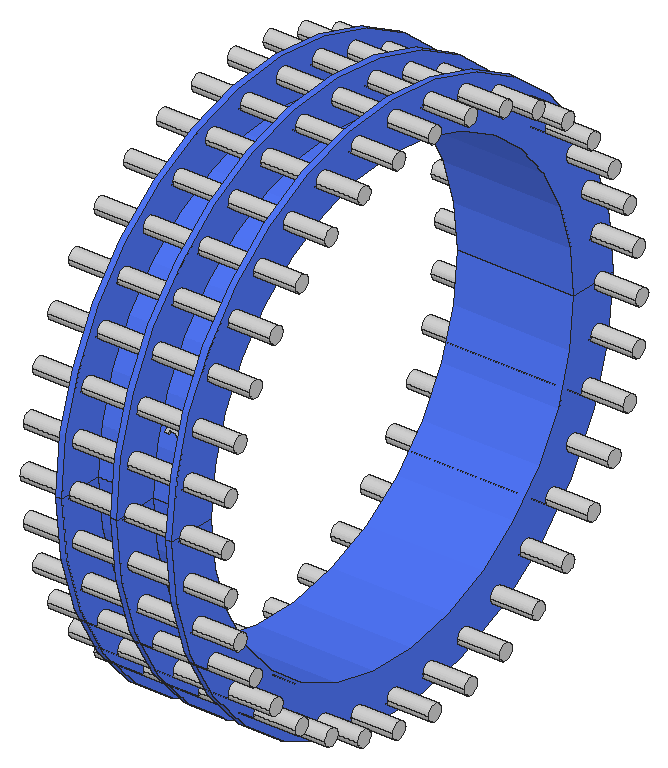
Revit family "873-00-001-DN1400-1500", category Generic Models, Revit 2019
Family settings
  Can host rebar = No
  Round Connector Dimension = Use Diameter
  Part Type = Normal
  Work Plane-Based = No
  Always vertical = Yes
  Cut with Voids When Loaded = No
  Shared = No
  Room Calculation Point = No
Parameters (values of type "DN1500_PN16")
  d2 = size_lookup(Search_table, "d2", 0 mm, DN) / 2  # 910 mm
  d1 = size_lookup(Search_table, "d1", 0 mm, DN)  # 1710 mm
  URL product pages = "https://www.avkvalves.com/P.aspx?no=873004000141000"
  T = size_lookup(Search_table, "T", 0 mm, DN)  # 52 mm
  L = size_lookup(Search_table, "L", 0 mm, DN)  # 665 mm
  Id(Radius) = DN / 2  # 750.05 mm
  Flange_thickness = 20 mm  # constant formula
  Description_ = "AVK DISMANTLING JOINT"
  DN = 1500.1 mm
  Search_table = "873-00-001-DN1400-1500"
  Body_Wallthicknss = 10 mm  # constant formula
  Angle = 22.50°  # constant formula
  A = size_lookup(Search_table, "A", 0 mm, DN)  # 385 mm
  873-1500-00-141000 = "DN1500_PN16"
  873-1500-00-041000 = "DN1500_PN10"
  873-1400-00-141000 = "DN1400_PN16"
  873-1400-00-041000 = "DN1400_PN10"
Types (5, lengths in mm): name | d2 | d1 | T | L | Id(Radius) | DN | A
  (no name) | 910 | 1710 | 52 | 665 | 750.05 | 1500.1 | 385
  DN1400_PN10 | 837.5 | 1590 | 39 | 560 | 700 | 1400 | 350
  DN1400_PN16 | 842.5 | 1590 | 45 | 630 | 700.05 | 1400.1 | 350
  DN1500_PN10 | 892.5 | 1700 | 39 | 590 | 750 | 1500 | 385
  DN1500_PN16 | 910 | 1710 | 52 | 665 | 750.05 | 1500.1 | 385
Reference planes
  plane 1 "Center (Front/Back)": y = 0
  plane 2: z = 0
  plane 3 "Center (Left/Right)": x = 0
  plane 4: y = 32.5
  plane 5: y = -30
  plane 6: z = 855
  plane 7: z = -855
  plane 8: y = 855
  plane 9: y = -855
  plane 10: x = -332.5
  plane 11: x = 332.5
  plane 12: through (0, 0, 0) normal (0, 0.9848, 0.1736)
  plane 13: through (0, 0, 0) normal (0, 0.9397, 0.342)
  plane 14: through (0, 0, 0) normal (0, 0.866, 0.5)
  plane 15: through (0, 0, 0) normal (0, 0.766, 0.6428)
  plane 16: through (0, 0, 0) normal (0, 0.5, 0.866)
  plane 17: through (0, 0, 0) normal (0, 0.9848, -0.1736)
  plane 18: through (0, 0, 0) normal (0, 0.9397, -0.342)
  plane 19: through (0, 0, 0) normal (0, 0.866, -0.5)
  plane 20: through (0, 0, 0) normal (0, 0.6428, -0.766)
  plane 21: through (0, 0, 0) normal (0, 0.5, -0.866)
  plane 22: through (0, 0, 0) normal (0, 0.6428, 0.766)
  plane 23: through (0, 0, 0) normal (0, 0.766, -0.6428)
  plane 24: through (0, 0, 0) normal (0, 0.342, -0.9397)
  plane 25: through (0, -843.653, 307.065) normal (0, -0.342, -0.9397)
  plane 26: through (0, 0, 0) normal (0, 0.1736, 0.9848)
  plane 27: through (0, 0, 0) normal (0, -0.1736, 0.9848)
  plane 28: x = -192.5
  plane 29: x = 192.5
  plane 30: z = 910
  plane 31: z = -910
Forms (mm)
  Revolve 1, solid, material "Plastic"
    sketch origin (0, 0, 0) x (1, 0, 0) y (0, 1, 0)
      loop
        line (-172.5, 910) -> (-192.5, 910) -> (-192.5, 750.05) -> (192.5, 750.05) -> (192.5, 910) -> (172.5, 910) -> (172.5, 760.05) -> (10, 760.05) -> (10, 910) -> (-10, 910) -> (-10, 760.05) -> (-172.5, 760.05) -> (-172.5, 910)
      axis (-192.5, 0) -> (192.5, 0)
    angle from 0 to 360
  Extrusion 2, solid, material "Stainless Steel AISI 304"
    sketch origin (0, 0, 0) x (0, 1, 0) y (0, 0, 1)
      loop
        circle (0, 855) r 26
      loop
        circle (-855, 0) r 26
      loop
        circle (0, -855) r 26
      loop
        circle (855, 0) r 26
      loop
        circle (148.469, 842.011) r 26
      loop
        circle (292.427, 803.437) r 26
      loop
        circle (427.5, 740.452) r 26
      loop
        circle (549.583, 654.968) r 26
      loop
        circle (654.968, 549.583) r 26
      loop
        circle (740.452, 427.5) r 26
      loop
        circle (803.437, 292.427) r 26
      loop
        circle (803.437, -292.427) r 26
      loop
        circle (740.452, -427.5) r 26
      loop
        circle (654.968, -549.583) r 26
      loop
        circle (549.583, -654.968) r 26
      loop
        circle (427.5, -740.452) r 26
      loop
        circle (292.427, -803.437) r 26
      loop
        circle (148.469, -842.011) r 26
      loop
        circle (-148.469, -842.011) r 26
      loop
        circle (-292.427, -803.437) r 26
      loop
        circle (-427.5, -740.452) r 26
      loop
        circle (-549.583, -654.968) r 26
      loop
        circle (-654.968, -549.583) r 26
      loop
        circle (-740.452, -427.5) r 26
      loop
        circle (-803.437, -292.427) r 26
      loop
        circle (-803.437, 292.427) r 26
      loop
        circle (-740.452, 427.5) r 26
      loop
        circle (-654.968, 549.583) r 26
      loop
        circle (-549.583, 654.968) r 26
      loop
        circle (-427.5, 740.452) r 26
      loop
        circle (-292.427, 803.437) r 26
      loop
        circle (-148.469, 842.011) r 26
      loop
        circle (-842.011, 148.469) r 26
      loop
        circle (842.011, -148.469) r 26
      loop
        circle (842.011, 148.469) r 26
      loop
        circle (-842.011, -148.469) r 26
    from -332.5 to 332.5
Dimensions and locks
  "Flange_thickness": Revolve 1 sketch curve to Revolve 1 sketch curve  (x3)
  equal spacing: Revolve 1 sketch curve, plane 3 "Center (Left/Right)", Revolve 1 sketch curve  (x2)
  "A": Revolve 1 sketch curve to Revolve 1 sketch curve
  "Id(Radius)": plane 1 "Center (Front/Back)" to Revolve 1 sketch curve
  "Body_Wallthicknss": Revolve 1 sketch curve to Revolve 1 sketch curve
  "d2": plane 1 "Center (Front/Back)" to Revolve 1 sketch curve
  equal spacing: plane 6, level, plane 7
  equal spacing: plane 8, plane 1 "Center (Front/Back)", plane 9
  "d1": plane 8 to plane 9
  "d1": plane 6 to plane 7
  equal spacing: plane 11, plane 3 "Center (Left/Right)", plane 10
  "L": plane 11 to plane 10
  equal spacing: Extrusion 2 sketch curve, level, Extrusion 2 sketch curve
  "d1": Extrusion 2 sketch curve to Extrusion 2 sketch curve  (x18)
  equal spacing: Extrusion 2 sketch curve, plane 1 "Center (Front/Back)", Extrusion 2 sketch curve
  equal spacing: Extrusion 2 sketch curve, plane 26, Extrusion 2 sketch curve
  equal spacing: Extrusion 2 sketch curve, plane 27, Extrusion 2 sketch curve
  equal spacing: Extrusion 2 sketch curve, plane 24, Extrusion 2 sketch curve
  equal spacing: Extrusion 2 sketch curve, plane 25, Extrusion 2 sketch curve
  equal spacing: Extrusion 2 sketch curve, plane 16, Extrusion 2 sketch curve
  equal spacing: Extrusion 2 sketch curve, plane 22, Extrusion 2 sketch curve
  equal spacing: Extrusion 2 sketch curve, plane 15, Extrusion 2 sketch curve
  equal spacing: Extrusion 2 sketch curve, plane 14, Extrusion 2 sketch curve
  equal spacing: Extrusion 2 sketch curve, plane 13, Extrusion 2 sketch curve
  equal spacing: Extrusion 2 sketch curve, plane 12, Extrusion 2 sketch curve
  equal spacing: Extrusion 2 sketch curve, plane 21, Extrusion 2 sketch curve
  equal spacing: Extrusion 2 sketch curve, plane 20, Extrusion 2 sketch curve
  equal spacing: Extrusion 2 sketch curve, plane 23, Extrusion 2 sketch curve
  equal spacing: Extrusion 2 sketch curve, plane 19, Extrusion 2 sketch curve
  equal spacing: Extrusion 2 sketch curve, plane 18, Extrusion 2 sketch curve
  equal spacing: Extrusion 2 sketch curve, plane 17, Extrusion 2 sketch curve
  equal spacing: plane 29, plane 3 "Center (Left/Right)", plane 28
  "A": plane 29 to plane 28
  plane 6 to plane 7 = 1710 mm
  equal spacing: plane 30, level, plane 31
  plane 30 to plane 31 = 1820 mm
  "d2": level to plane 31
  "T": diameter of Extrusion 2 sketch curve  (x36)
  equal spacing: level, plane 26, plane 25, plane 16, plane 22, plane 15, plane 14, plane 13, plane 12, plane 1 "Center (Front/Back)"
  equal spacing: plane 1 "Center (Front/Back)", plane 17, plane 18, plane 19, plane 23, plane 20, plane 21, plane 24, plane 27, level
  aligned and locked: level to plane 2
  aligned and locked: Revolve 1 sketch curve to Revolve 1 sketch curve  (x3)
  aligned and locked: plane 1 "Center (Front/Back)" to Revolve 1 sketch curve
  aligned and locked: Extrusion 2 to plane 10
  aligned and locked: Extrusion 2 to plane 11
Automatic sketch dimensions
  Revolve 1 sketch curve to plane 3 "Center (Left/Right)" = 37.5 mm
  plane 3 "Center (Left/Right)" to Revolve 1 sketch curve = 37.5 mm
  Extrusion 2 sketch curve to plane 26 = 0 mm  (x2)
  Extrusion 2 sketch curve to plane 27 = 0 mm  (x2)
  plane 24 to Extrusion 2 sketch curve = 0 mm  (x2)
  plane 25 to Extrusion 2 sketch curve = 0 mm  (x2)
  plane 21 to Extrusion 2 sketch curve = 0 mm  (x2)
  Extrusion 2 sketch curve to plane 16 = 0 mm  (x2)
  plane 20 to Extrusion 2 sketch curve = 0 mm  (x2)
  Extrusion 2 sketch curve to plane 22 = 0 mm  (x2)
  plane 23 to Extrusion 2 sketch curve = 0 mm  (x2)
  Extrusion 2 sketch curve to plane 15 = 0 mm  (x2)
  plane 19 to Extrusion 2 sketch curve = 0 mm  (x2)
  Extrusion 2 sketch curve to plane 14 = 0 mm  (x2)
  plane 18 to Extrusion 2 sketch curve = 0 mm  (x2)
  Extrusion 2 sketch curve to plane 13 = 0 mm  (x2)
  Extrusion 2 sketch curve to plane 12 = 0 mm  (x2)
  plane 17 to Extrusion 2 sketch curve = 0 mm  (x2)
  Extrusion 2 sketch curve to plane 1 "Center (Front/Back)" = 0 mm  (x2)
  Extrusion 2 sketch curve to level = 0 mm  (x2)
Nested families
  nested 1: "LOGO 3" at (93.144, -735.164, 192.9) x (1, 0, 0) z (0, -0.9673, 0.2538), type "LOGO 3"
Connectors
  piping at (192.5, 0, 0), diameter 1500.1, driven by "DN"
    settings: on Revolve 1, index 1, connector inside diameter 609.6 mm, connector length 0 mm, flow factor 0, pipe flow 0.0 L/s, pressure drop 0.0 Pa, fitting loss kfactor 0, connector angle 0.00°, fixture units 0, engagement length 0 mm, angle of deflection 0.00°, flow configuration 0, flow direction 0, fitting loss method 0, system type 7, joint type 0, gender type 0, connector reference index -1, connector utility 0, adjustable connector no, is connector primary yes, connector description ""
  piping at (-192.5, 0, 0), diameter 1500.1, driven by "DN"
    settings: on Revolve 1, index 2, connector inside diameter 609.6 mm, connector length 0 mm, flow factor 0, pipe flow 0.0 L/s, pressure drop 0.0 Pa, fitting loss kfactor 0, connector angle 0.00°, fixture units 0, engagement length 0 mm, angle of deflection 0.00°, flow configuration 0, flow direction 0, fitting loss method 0, system type 7, joint type 0, gender type 0, connector reference index -1, connector utility 0, adjustable connector no, is connector primary no, connector description ""
Definition of nested family "LOGO 3"
  Parameters
    Default Elevation = 1219.2 mm
  Reference planes
    plane 1 "Center (Front/Back)": y = 0
    plane 2: z = 0
    plane 3 "Center (Left/Right)": x = 0
  Forms (mm)
    Extrusion 1, solid
      sketch origin (0, 0, 0) x (1, 0, 0) y (0, 1, 0)
        loop
          line (-1219.2, 1219.2) -> (-1219.2, -1219.2) -> (1219.2, -1219.2) -> (1219.2, 1219.2) -> (-1219.2, 1219.2)
      from 0 to -304.8
    Extrusion 2, solid
      sketch origin (0, 0, 0) x (1, 0, 0) y (0, 1, 0)
        loop
          line (-17.198, 60.343) -> (-63.36, 60.343) -> (-63.36, 47.822) -> (-25.782, 47.822) -> (-6.312, 0) -> (6.312, 0) -> (25.782, 47.822) -> (63.36, 47.822) -> (63.36, 60.343) -> (17.198, 60.343) -> (0, 18.103) -> (-17.198, 60.343)
        loop
          line (-63.36, 42.994) -> (-63.36, 30.926) -> (-51.489, 30.926) -> (-63.36, 0) -> (-49.948, 0) -> (-47.4, 6.638) -> (-27.745, 6.638) -> (-25.043, 0) -> (-11.524, 0) -> (-29.029, 42.994) -> (-63.36, 42.994)
        loop
          line (-44.292, 18.103) -> (-32.413, 18.103) -> (-38.527, 33.12) -> (-44.292, 18.103)
        loop
          line (29.029, 42.994) -> (11.524, 0) -> (25.043, 0) -> (31.926, 16.905) -> (44.665, 0) -> (60.343, 0) -> (45.934, 19.121)
          arc (45.934, 19.121) -> (54.338, 23.268) -> (59.739, 30.926) r 19.008
          line (59.739, 30.926) -> (63.36, 30.926) -> (63.36, 42.994) -> (51.291, 42.994)
          arc (51.291, 42.994) -> (46.893, 32.101) -> (36.164, 27.315) r 15.689
          line (36.164, 27.315) -> (42.548, 42.994) -> (29.029, 42.994)
      from 0 to 1
  Dimensions and locks
    aligned and locked: plane 2 to Extrusion 1
    aligned and locked: level to Extrusion 1
